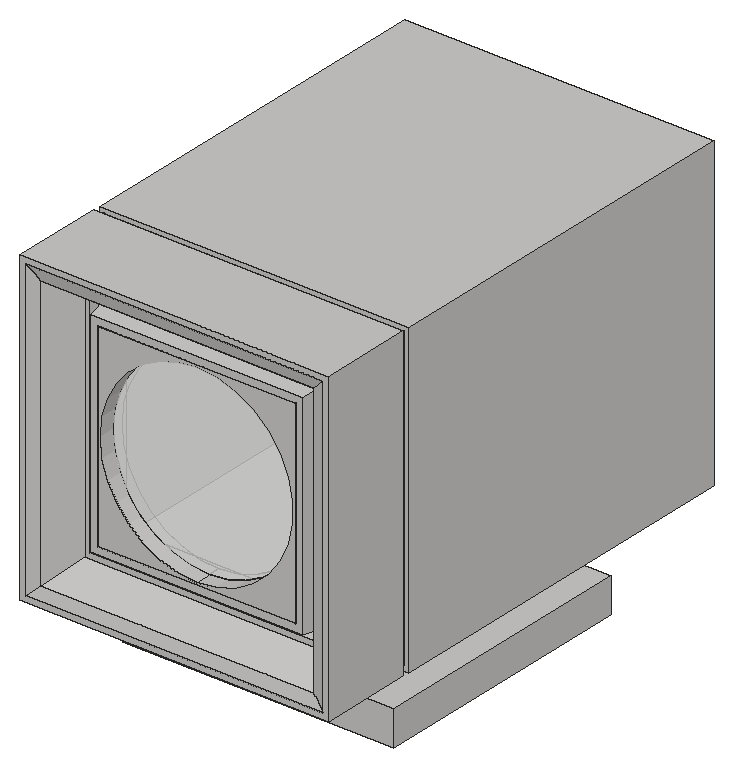
Revit family "Lighting-Luminii-Leto_44_Plus_WM_MID new", category Lighting Fixtures, host Face, Revit 2020
Family settings
  Host = Face
  Round Connector Dimension = Use Diameter
  Part Type = Normal
  OmniClass Number = 23.80.70.11.14.11
  OmniClass Title = Downlights
  Cut with Voids When Loaded = No
  Light Source = Yes
  Shared = Yes
  Room Calculation Point = No
Parameters (values of type "Leto 44 PLUS WM MID")
  Width = 0' - 6 15/16"  # constant formula
  Wattage Comments = "6.5W"
  Wattage = 6.49954 W
  Warranty URL = "https://www.luminii.com/terms-conditions/"
  built-in parameter 1150110 = 1 (stored number, unit not read)
  Voltage Comments = "120V | 277V | 347V"  # constant formula
  Voltage = 120 V
  Version = "2020 - v1.0a"  # constant formula
  URL = "https://www.luminii.com/"
  built-in parameter 1114217 = 1 (stored number, unit not read)
  Tilt Angle = 0.00°  # constant formula
  built-in parameter 1150109 = 1 (stored number, unit not read)
  built-in parameter 1150134 = (empty or 0)
  built-in parameter 1150113 = 1 (stored number, unit not read)
  Support Phone = "224-699-9545"  # constant formula
  Support Email = "mailto:support@bimsmith.com"
  Product Page URL = "https://www.luminii.com/product/leto-44-plus-wm-mid/"
  Power Source Type = "Driver"  # constant formula
  Power Factor = 1
  Photometric Web File = "711-A90-610-35-07-00.ies"
  Phase = 1
  Operating Temperature = "Consult Manufacturer Website for more Information"  # constant formula
  Number of Poles = if(and(or(Voltage = 120 V, Voltage = 277 V), Phase = 1), 1, if(and(or(Voltage = 208 V, Voltage = 240 V), Phase = 1), 2, if(and(or(Voltage = 208 V, Voltage = 240 V), Phase = 3), 3, if(and(Voltage > 300 V, Phase = 1), 2, if(and(Voltage > 400 V, Phase = 3), 3, 1)))))  # 1
  Mounting Method = "Wall Mount"  # constant formula
  Model = "711"  # constant formula
  Manufacturer Phone Number = "403-216-7043"  # constant formula
  Manufacturer Email = "mailto: info@sensolighting.com"
  Manufacturer Address = "302 50 Ave SE. Calgary, Alberta, T2G 2A9 Canada"  # constant formula
  Manufacturer = "Luminii"  # constant formula
  built-in parameter 1150105 = 55.704 (stored number, unit not read)
  Lumens = 700 lm
  Luminaire Type = "Wall Mount LED Downlight"  # constant formula
  built-in parameter 1150115 = 1 (stored number, unit not read)
  Load Classification = Lighting
  built-in parameter 1150137 = (empty or 0)
  built-in parameter 1150139 = (empty or 0)
  Lens Material = Plastic - Luminii - Frosted Lens
  Length = 0' - 5 9/16"  # constant formula
  built-in parameter 1150112 = 1 (stored number, unit not read)
  built-in parameter 1150114 = 1 (stored number, unit not read)
  Lamp Life = 1
  Lamp = "LED"  # constant formula
  Keynote = "26 50 00"
  built-in parameter 1150132 = 2
  built-in parameter 1150102 = (empty or 0)
  built-in parameter 1150107 = 3500 (stored number, unit not read)
  Initial Color Comments = "Perfomance based on 3500K Photometric Web File"  # constant formula
  built-in parameter 1150138 = (empty or 0)
  built-in parameter 1150106 = 0.55704 (stored number, unit not read)
  Housing Protection Rating = "Consult Manufacturer Website for more Information"  # constant formula
  Has Dimming = 1 = 1  # yes
  Has Battery Backup = 0 = 1  # no
  Frequency Comments = ""  # constant formula
  Frequency = 60 Hz
  Finish = Metal - Luminii - Silver Anodized Aluminum
  Environment = "Indoor"  # constant formula
  built-in parameter 1150104 = 10.006 (stored number, unit not read)
  Dimming Type = "Consult Manufacturer Website for more Information"  # constant formula
  Dimming Lamp Color Temperature Shift = <None>
  Description = "Wall Mount LED Downlight"  # constant formula
  Depth = 0' - 8 11/16"  # constant formula
  Default Elevation = 0' - 0"  # constant formula
  Current Amps = 50 A
  Copyright = "©2024 Luminii"  # constant formula
  Control Zone = "Consult Manufacturer Website for more Information"  # constant formula
  Control Type = "Consult Manufacturer Website for more Information"  # constant formula
  Constraints = 1  # constant formula
  Color Filter = 16777215
  built-in parameter 1114216 [instance] = 0  # (empty or 0)
  built-in parameter 1140040 [instance] = 1 = 1  # 1
  CCT = "3500K"
  built-in parameter 1114218 = 1 (stored number, unit not read)
  built-in parameter 1150133 = 10 (stored number, unit not read)
  Assembly Code = "D5020200"
  Apparent Load = Wattage / Power Factor  # 6.49954 VA
Reference planes (in)
  plane 1 "Center (Front/Back)": y = 0
  plane 2: z = 0
  plane 3 "Center (Left/Right)": x = 0
  plane 4: x = 2.78125
  plane 5: x = -2.78125
  plane 6: y = 4.34375
  plane 7: y = -4.34375
  plane 8: z = 4.16492
  plane 9: z = 1.37992
  plane 10: z = 6.9375
Forms (in)
  Extrusion 1, solid, material "Metal - Luminii - Silver Anodized Aluminum", not visible
    sketch origin (0, 0, 0) x (1, 0, 0) y (0, 1, 0)
      loop
        circle (0, 0) r 0.5
    from 0 to -0.17225
Dimensions and locks (in)
  equal spacing: plane 5, plane 3 "Center (Left/Right)", plane 4
  equal spacing: plane 6, plane 1 "Center (Front/Back)", plane 7
  imposter light to plane 9 = 0' - 2.77879"
  locked: plane 9 to host face at 1.37992
  equal spacing: plane 10, imposter light, plane 9
  plane 10 to plane 9 = 0' - 5.55758"
  "Depth": plane 7 to plane 6
  "Width": host face to plane 10
  "Length": plane 4 to plane 5
  aligned and locked: plane 2 to host face
  aligned and locked: plane 3 "Center (Left/Right)" to Extrusion 1 sketch curve
  aligned and locked: plane 1 "Center (Front/Back)" to Extrusion 1 sketch curve
  aligned and locked: plane 2 to Extrusion 1  (x2)
  aligned and locked: imposter light to plane 3 "Center (Left/Right)"
Automatic sketch dimensions
  host sketch curve to host sketch curve = 8' - 0"  (x2)
  radius of Extrusion 1 sketch curve = 0' - 0 1/2"
Nested families (in)
  nested 1: "Nested - Lamp" at (0, 0, 0), type "Nested - Lamp"
Connectors (in)
  electrical at (0, 0, 0), driven by "Number of Poles", driven by "Load Classification", driven by "Voltage", driven by "Apparent Load", driven by "Power Factor"
    settings: on Extrusion 1, index 1, voltage 120 V, apparent load 6.49954 VA, apparent load phase1 0 VA, apparent load phase2 0 VA, apparent load phase3 0 VA, power factor 1, load classification "Lighting", number of poles 1, system type 30, power factor state 1, is connector primary yes, connector utility no, sub classification motor no, connector description "Power Connection"
Definition of nested family "Nested - Lamp"
  Parameters (values of type "Nested - Lamp")
    Width = 0' - 5.57087"  # constant formula
    Screen Material = none
    Inner Screen = none
    Height = 0' - 6.49606"  # constant formula
    Finish = none
    Default Elevation = 4' - 0"
    Constraint = 3
  Reference planes (in)
    plane 1 "Center (Front/Back)": y = 0
    plane 2: z = 0
    plane 3 "Center (Left/Right)": x = 0
    plane 4: z = 3.25
    plane 5: z = 4.16492
    plane 6: x = -1.87008
    plane 7: x = 1.87008
    plane 8: x = -2.785
    plane 9: x = 2.785
    plane 10: y = -4.3305
    plane 11: y = 4.3305
  Forms (in)
    Extrusion 1, solid
      sketch origin (0, 0, 0) x (1, 0, 0) y (0, 1, 0)
        loop
          line (-48, 48) -> (-48, -48) -> (48, -48) -> (48, 48) -> (-48, 48)
      from 0 to -12
    Sweep 2, solid, material <- "Finish", detail levels medium+fine
      path origin (-0.03362, -2.16535, 6.49563) x (0, 0, 1) y (-1, 0, 0)
        loop
          line (0.45479, -2.81862) -> (0.45479, 2.75138) -> (-5.11621, 2.75138) -> (-5.11621, -2.81862) -> (0.45479, -2.81862)
      profile origin (2.785, -2.16535, 4.16492) x (0, -1, 0) y (1, 0, 0)
        loop
          line (-6.49585, 0) -> (-6.49585, -0.07874) -> (-6.299, -0.07874) -> (-6.299, -0.21654) -> (1.03115, -0.21654) -> (1.03115, -1) -> (1.66515, -1) -> (1.66515, -0.875) -> (1.25132, -0.81684)
          arc (1.25132, -0.81684) -> (1.22765, -0.79301) -> (1.24683, -0.76544) r 0.02623
          line (1.24683, -0.76544) -> (1.53115, -0.74056) -> (1.53115, -0.65072) -> (2.09953, -0.32428) -> (2.16515, -0.10547) -> (2.16515, 0) -> (0.4999, 0) -> (0.4999, -0.07874) -> (0.3749, -0.07874) -> (0.3749, 0) -> (-6.49585, 0)
    Extrusion 3, solid, material <- "Finish"
      sketch origin (1.59205, -3.31278, 6.83768) x (0, 0, -1) y (1, 0, 0)
        loop
          line (4.45826, 0.19345) -> (0.88726, 0.19345) -> (0.88726, -3.37755) -> (4.45826, -3.37755) -> (4.45826, 0.19345)
        loop
          circle (2.67276, -1.59205) r 1.738
      from 0.23419 to 0.51772
    Extrusion 4, solid, material <- "Screen Material"
      sketch origin (1.59205, -4.80615, 6.83768) x (0, 0, -1) y (1, 0, 0)
        loop
          circle (2.67276, -1.59205) r 1.738
      from -1.25917 to -1.46931
    Extrusion 5, solid, material <- "Finish", detail levels medium+fine
      sketch origin (-0.03362, -1.42778, 6.03258) x (0, 0, 1) y (-1, 0, 0)
        loop
          line (0.8391, -2.73988) -> (0.8391, 2.67263) -> (-4.57442, 2.67263) -> (-4.57442, -2.73988) -> (0.8391, -2.73988)
        loop
          line (-1.27711, -0.35085) -> (-0.52144, -0.35085)
          arc (-0.52144, -0.35085) -> (-0.24585, -0.07526) -> (-0.52144, 0.20033) r 0.27559
          line (-0.52144, 0.20033) -> (-1.27711, 0.20033)
          arc (-1.27711, 0.20033) -> (-1.49982, 0.29258) -> (-1.59207, 0.51529) r 0.31496
          line (-1.59207, 0.51529) -> (-1.59207, 1.14748)
          arc (-1.59207, 1.14748) -> (-1.86766, 1.42307) -> (-2.14325, 1.14748) r 0.27559
          line (-2.14325, 1.14748) -> (-2.14325, 0.55693)
          arc (-2.14325, 0.55693) -> (-2.2355, 0.33422) -> (-2.45821, 0.24197) r 0.31496
          line (-2.45821, 0.24197) -> (-3.04876, 0.24197)
          arc (-3.04876, 0.24197) -> (-3.32435, -0.03362) -> (-3.04876, -0.30922) r 0.27559
          line (-3.04876, -0.30922) -> (-2.45821, -0.30922)
          arc (-2.45821, -0.30922) -> (-2.2355, -0.40147) -> (-2.14325, -0.62418) r 0.31496
          line (-2.14325, -0.62418) -> (-2.14325, -1.21473)
          arc (-2.14325, -1.21473) -> (-1.86766, -1.49032) -> (-1.59207, -1.21473) r 0.27559
          line (-1.59207, -1.21473) -> (-1.59207, -0.66582)
          arc (-1.59207, -0.66582) -> (-1.49982, -0.4431) -> (-1.27711, -0.35085) r 0.31496
      from -5.75828 to -5.68358
    Extrusion 6, solid, material <- "Finish", detail levels medium+fine
      sketch origin (-0.03362, -1.42778, 6.03258) x (0, 0, 1) y (-1, 0, 0)
        loop
          line (0.8391, -2.73988) -> (0.8391, 2.67263) -> (-4.57442, 2.67263) -> (-4.57442, -2.73988) -> (0.8391, -2.73988)
        loop
          circle (-1.86766, -0.03362) r 0.87104
        loop
          circle (-1.86766, -0.03362) r 0.71409
      from -5.36862 to -5.30882
    Sweep 7, solid, material <- "Finish", detail levels coarse
      path origin (0.8813, -3.24782, 6.49563) x (0, 0, 1) y (-1, 0, 0)
        loop
          line (0.45479, -1.9042) -> (0.45479, 3.6668) -> (-5.11621, 3.6668) -> (-5.11621, -1.9042) -> (0.45479, -1.9042)
      profile origin (2.7855, -3.24782, 4.16492) x (0, -1, 0) y (1, 0, 0)
        loop
          line (-7.57832, 0) -> (-7.57832, -0.07874) -> (-7.38147, -0.07874) -> (-7.38147, -0.21654) -> (-0.05132, -0.21654) -> (-0.05132, -1.00515) -> (0.58268, -1.00515) -> (0.58268, -0.43704) -> (1.05685, -0.1647) -> (1.08268, -0.09375) -> (1.08268, 0) -> (-7.57832, 0)
    Extrusion 8, solid, material <- "Finish"
      sketch origin (-0.03362, 1.25, 6.49606) x (0, 1, 0) y (-1, 0, 0)
        loop
          line (1.1875, 2.40732) -> (-3.6875, 2.40732) -> (-3.6875, -2.47457) -> (1.1875, -2.47457) -> (1.1875, 2.40732)
      from -6.49606 to -5.86614
    Extrusion 9, solid, material <- "Finish"
      sketch origin (-0.03362, 1.25, 6.49606) x (0, 1, 0) y (-1, 0, 0)
        loop
          line (-0.38386, -0.89977) -> (-0.38386, 0.83252) -> (-2.11614, 0.83252) -> (-2.11614, -0.89977) -> (-0.38386, -0.89977)
      from -5.11614 to -5.86614
    Extrusion 10, solid, material <- "Finish", detail levels coarse
      sketch origin (-0.03362, -1.42778, 6.03258) x (0, 0, 1) y (-1, 0, 0)
        loop
          line (0.8391, -2.73988) -> (0.8391, 2.67263) -> (-4.57442, 2.67263) -> (-4.57442, -2.73988) -> (0.8391, -2.73988)
      from -5.75828 to -5.68358
  Lines and regions (in)
    reference lines
      curve 1: line (0, -3.68874, 4.16492) -> (0, -3.68874, 8.12942)
  Dimensions and locks (in)
    Sweep 7 to Extrusion 1 = 0' - 1.37942"
    Sweep 7 to Sweep 7 = 0' - 5.571"
    Sweep 7 to plane 4 = 0' - 1.87058"
    Sweep 7 to plane 5 = 0' - 2.7855"
    plane 6 to plane 7 = 0' - 3.74016"
    plane 6 to plane 3 "Center (Left/Right)" = 0' - 1.87008"
    plane 3 "Center (Left/Right)" to Sweep 7 = 0' - 2.7855"
    equal spacing: plane 11, plane 1 "Center (Front/Back)", plane 10
    Sweep 7 to Sweep 7 = 0' - 1.00515"
    Sweep 2 to Sweep 2 = 0' - 1"
    Sweep 2 to Sweep 2 = 0' - 0 1/8"
    Sweep 2 to plane 10 = 0' - 0 1/2"
    plane 10 to Sweep 2 sketch curve = 0' - 0 1/2"
    plane 10 to Sweep 2 sketch curve = 0' - 1.134"
    locked: Extrusion 8 sketch curve to plane 3 "Center (Left/Right)" at 2.44094
    locked: plane 1 "Center (Front/Back)" to Extrusion 8 sketch curve at 2.4375
    locked: Extrusion 8 sketch curve to plane 1 "Center (Front/Back)" at 2.4375
    locked: plane 3 "Center (Left/Right)" to Extrusion 8 sketch curve at 2.44094
    Extrusion 3 sketch curve to Extrusion 3 sketch curve = 0' - 3.571"
    angle Sweep 7 sketch curve to plane 10 = 20.00°
    angle Sweep 7 sketch curve to Sweep 7 sketch curve = 119.87°
    aligned and locked: plane 2 to Extrusion 1
    aligned and locked: level to Extrusion 1
  Automatic sketch dimensions
    Extrusion 1 sketch curve to Extrusion 1 sketch curve = 8' - 0"  (x2)
    plane 9 to Sweep 2 sketch curve = 0' - 0"
    Sweep 2 sketch curve to plane 8 = 0' - 0"
    level to Sweep 2 sketch curve = 0' - 1.37942"
    plane 5 to Sweep 2 sketch curve = 0' - 2.7855"
    Sweep 2 sketch curve to profile plane = 0' - 0"  (x2)
    profile plane to Sweep 2 sketch curve = 0' - 0.07874"
    profile plane to Sweep 2 sketch curve = 0' - 0.4999"
    Sweep 2 sketch curve to Sweep 2 sketch curve = 0' - 0 1/8"  (x2)
    profile plane to Sweep 2 sketch curve = 0' - 0.21654"
    Sweep 2 sketch curve to profile plane = 0' - 6.299"
    Sweep 2 sketch curve to Sweep 2 sketch curve = 0' - 0.19685"
    Sweep 2 sketch curve to Sweep 2 sketch curve = 0' - 0.21568"
    Sweep 2 sketch curve to Sweep 2 sketch curve = 0' - 0.0045"
    Sweep 2 sketch curve to Sweep 2 sketch curve = 0' - 0.00245"
    profile plane to Sweep 2 sketch curve = 0' - 0.65072"
    Sweep 2 sketch curve to Sweep 2 sketch curve = 0' - 0.134"
    profile plane to Sweep 2 sketch curve = 0' - 0.32428"
    Sweep 2 sketch curve to Sweep 2 sketch curve = 0' - 0.56838"
    profile plane to Sweep 2 sketch curve = 0' - 0 27/256"
    Sweep 2 sketch curve to Sweep 2 sketch curve = 0' - 0.06562"
    Sweep 2 sketch curve to Sweep 2 sketch curve = 0' - 0 23/256"
    Sweep 2 sketch curve to Sweep 2 sketch curve = 0' - 0.02488"
    Sweep 2 sketch curve to Sweep 2 sketch curve = 0' - 0.02529"
    Sweep 2 sketch curve to Sweep 2 sketch curve = 0' - 0.13444"
    Sweep 2 sketch curve to Sweep 2 sketch curve = 0' - 0.07874"
    Extrusion 5 sketch curve to plane 3 "Center (Left/Right)" = 0' - 0"
    Extrusion 5 sketch curve to plane 5 = 0' - 0"  (x2)
    Extrusion 5 sketch curve to Extrusion 5 sketch curve = 0' - 0.27559"  (x2)
    plane 4 to Extrusion 5 sketch curve = 0' - 0.32437"  (x2)
    Extrusion 5 sketch curve to plane 4 = 0' - 0.26618"
    plane 9 to Extrusion 5 sketch curve = 0' - 0.07874"
    level to Extrusion 5 sketch curve = 0' - 1.45816"
    Extrusion 5 sketch curve to plane 3 "Center (Left/Right)" = 0' - 0.23395"
    Extrusion 5 sketch curve to Extrusion 5 sketch curve = 0' - 0.31496"  (x2)
    plane 3 "Center (Left/Right)" to Extrusion 5 sketch curve = 0' - 0.31723"
    Extrusion 5 sketch curve to Extrusion 5 sketch curve = 0' - 0.75567"
    plane 8 to Extrusion 5 sketch curve = 0' - 0.07874"
    plane 5 to Extrusion 5 sketch curve = 0' - 2.70676"
    Extrusion 5 sketch curve to Extrusion 5 sketch curve = 0' - 0.54891"
    plane 3 "Center (Left/Right)" to Extrusion 5 sketch curve = 0' - 0.59055"
    Extrusion 5 sketch curve to Extrusion 5 sketch curve = 0' - 0.63219"
    Extrusion 6 sketch curve to Extrusion 6 sketch curve = 0' - 0"  (x2)
    Extrusion 6 sketch curve to plane 3 "Center (Left/Right)" = 0' - 0"
    Extrusion 6 sketch curve to plane 5 = 0' - 0"
    plane 9 to Extrusion 6 sketch curve = 0' - 0.07874"
    level to Extrusion 6 sketch curve = 0' - 1.45816"
    plane 5 to Extrusion 6 sketch curve = 0' - 2.70676"
    plane 8 to Extrusion 6 sketch curve = 0' - 0.07874"
    Sweep 7 sketch curve to plane 9 = 0' - 0.0005"
    level to Sweep 7 sketch curve = 0' - 1.37942"
    Sweep 7 sketch curve to plane 8 = 0' - 0.0005"
    plane 5 to Sweep 7 sketch curve = 0' - 2.7855"
    Sweep 7 sketch curve to profile plane = 0' - 0"
    profile plane to Sweep 7 sketch curve = 0' - 0.07874"
    Sweep 7 sketch curve to profile plane = 0' - 7.57832"
    Sweep 7 sketch curve to Sweep 7 sketch curve = 0' - 0.19685"
    Sweep 7 sketch curve to profile plane = 0' - 0.05132"
    profile plane to Sweep 7 sketch curve = 0' - 0.58268"
    profile plane to Sweep 7 sketch curve = 0' - 0.1647"
    Sweep 7 sketch curve to Sweep 7 sketch curve = 0' - 0.47418"
    profile plane to Sweep 7 sketch curve = 0' - 0 3/32"
    Sweep 7 sketch curve to Sweep 7 sketch curve = 0' - 0.56811"
    Sweep 7 sketch curve to Sweep 7 sketch curve = 0' - 0.1378"
    plane 1 "Center (Front/Back)" to Extrusion 9 sketch curve = 0' - 0.86614"
    Extrusion 9 sketch curve to plane 1 "Center (Front/Back)" = 0' - 0.86614"
    plane 3 "Center (Left/Right)" to Extrusion 9 sketch curve = 0' - 0.86614"
    Extrusion 9 sketch curve to plane 3 "Center (Left/Right)" = 0' - 0.86614"
    plane 9 to Extrusion 10 sketch curve = 0' - 0.07874"
    level to Extrusion 10 sketch curve = 0' - 1.45816"
    plane 8 to Extrusion 10 sketch curve = 0' - 0.07874"
    plane 5 to Extrusion 10 sketch curve = 0' - 2.70676"
    curve 1 to plane 5 = 0' - 0"
    plane 10 to curve 1 = 0' - 0.64176"
    plane 5 to curve 1 = 0' - 3.9645"
    Extrusion 3 sketch curve to plane 3 "Center (Left/Right)" = 0' - 0"
    Extrusion 3 sketch curve to plane 5 = 0' - 0"
    plane 6 to Extrusion 3 sketch curve = 0' - 0.08458"
    plane 5 to Extrusion 3 sketch curve = 0' - 1.7855"
    plane 7 to Extrusion 3 sketch curve = 0' - 0.08458"
    Extrusion 4 sketch curve to Extrusion 4 sketch curve = 0' - 0"  (x2)
    Extrusion 4 sketch curve to plane 3 "Center (Left/Right)" = 0' - 0"
    Extrusion 4 sketch curve to plane 5 = 0' - 0"
    Extrusion 4 sketch curve to Extrusion 4 sketch curve = 0' - 1.738"
    radius of Extrusion 6 sketch curve = 0' - 0.87104"
    radius of Extrusion 6 sketch curve = 0' - 0.71409"
    radius of Extrusion 3 sketch curve = 0' - 1.738"
